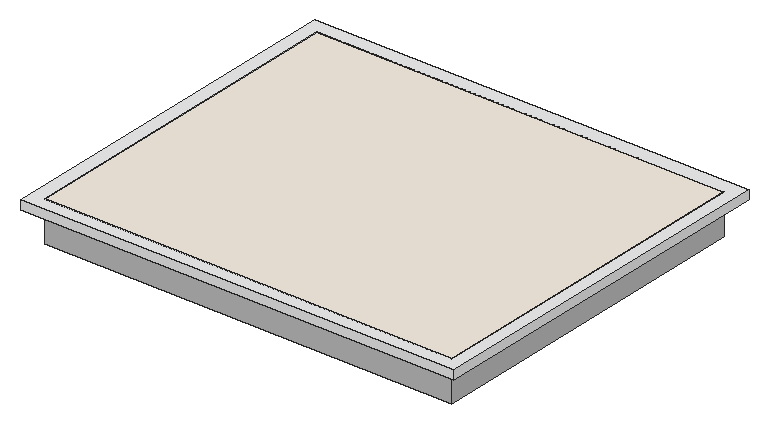
Revit family "Lighting-Industrial-GEWISS-ELIA-HL-LED_HIGHBAY", category Apparecchi per illuminazione, host Superficie, Revit 2019 (continued)
Types (12, lengths in mm): name | Weight (kg): | Weight (kg) | Voltage | Technical sheet | System power | Optic | built-in parameter 1150142 | Lumen output (lm) | Model | IDT | File diagramma fotometrico | Description
    \r\n162.45 150.20 138.26 126.63 115.49 105.08 95.25 85.91 \r\n76.98 68.33 59.98 51.84 44.12 36.98 30.35 24.13 18.45 \r\n13.35 9.08 5.95 3.86 2.80 2.80 \r\n8062.88 8063.68 8064.49 8066.90 8069.32 8072.54 8076.56 \r\n8081.39 8086.22 8091.86 8099.10 8105.54 8112.79 8120.84 \r\n8128.89 8137.74 8146.60 8156.26 8165.11 8174.77 8184.43 \r\n8194.09 8202.95 8212.61 8221.46 8229.51 8237.56 8244.00 \r\n8250.44 8256.08 8260.10 8263.32 8264.13 8264.93 8264.13 \r\n8261.71 8257.69 8252.86 8244.81 8235.15 8223.07 8208.58 \r\n8193.29 8173.97 8153.84 8131.30 8107.15 8079.78 8050.00 \r\n8018.60 7983.99 7946.15 7905.10 7861.63 7813.33 7761.81 \r\n7705.46 7644.28 7578.27 7507.43 7430.95 7348.04 7259.49 \r\n7166.11 7067.09 6963.25 6852.16 6734.63 6609.85 6477.83 \r\n6334.54 6175.96 6010.13 5844.30 5678.47 5511.83 5347.61 \r\n5186.61 5028.03 4867.83 4712.47 4564.35 4421.86 4285.01 \r\n4153.80 4026.61 3901.83 3779.48 3661.95 3551.66 3446.21 \r\n3343.17 3241.74 3139.50 3039.68 2943.08 2849.70 2758.74 \r\n2670.99 2584.86 2500.33 2419.03 2340.14 2265.27 2192.02 \r\n2117.96 2044.70 1973.06 1901.41 1829.77 1757.32 1688.89 \r\n1622.88 1557.19 1492.95 1429.28 1367.53 1308.77 1253.38 \r\n1202.11 1154.37 1109.93 1068.07 1028.07 989.51 951.91 \r\n914.80 876.97 839.29 802.59 766.68 731.34 696.81 663.32 \r\n631.12 601.25 572.60 544.42 517.13 490.57 465.53 443.47 \r\n422.95 402.74 382.62 361.61 341.00 322.16 304.13 286.26 \r\n268.95 252.61 237.31 223.39 210.43 198.35 186.52 174.04 \r\n161.56 149.61 137.90 126.38 115.28 104.88 95.05 85.76 \r\n76.89 68.26 59.93 51.83 44.15 37.04 30.39 24.14 18.43 \r\n13.33 9.07 5.94 3.85 2.80 2.79 \r\n8062.88 8063.68 8064.49 8066.90 8069.32 8071.73 8076.56 \r\n8080.59 8086.22 8092.66 8098.30 8104.74 8112.79 8120.03 \r\n8128.89 8136.94 8146.60 8155.45 8164.31 8173.97 8183.63 \r\n8192.48 8202.95 8211.80 8221.46 8229.51 8236.76 8244.00 \r\n8250.44 8255.27 8260.10 8263.32 8264.93 8264.93 8264.93 \r\n8262.52 8258.49 8252.86 8246.42 8236.76 8224.68 8211.00 \r\n8195.70 8176.38 8156.26 8134.52 8109.57 8083.00 8054.02 \r\n8022.63 7988.01 7950.98 7910.73 7866.46 7819.77 7767.44 \r\n7711.09 7650.72 7584.71 7514.67 7439.00 7356.89 7268.34 \r\n7176.57 7078.36 6974.52 6864.23 6747.51 6622.73 6491.52 \r\n6349.03 6190.45 6023.81 5857.18 5688.93 5522.30 5358.08 \r\n5197.88 5039.30 4877.49 4719.71 4569.98 4425.89 4287.43 \r\n4154.60 4025.80 3901.03 3778.67 3661.14 3551.66 3446.21 \r\n3343.17 3241.74 3139.50 3039.68 2943.08 2848.89 2758.74 \r\n2670.99 2585.66 2501.14 2419.03 2340.14 2265.27 2191.21 \r\n2117.96 2044.70 1973.06 1902.22 1828.96 1756.51 1688.09 \r\n1622.08 1556.23 1492.07 1428.23 1366.17 1307.16 1251.37 \r\n1199.69 1151.55 1106.96 1065.02 1024.93 986.37 948.85 \r\n911.74 873.99 836.40 799.77 763.70 728.53 694.15 660.50 \r\n628.22 598.36 569.86 542.01 514.96 488.39 463.36 441.46 \r\n420.93 400.89 380.85 359.84 339.23 320.55 302.76 285.05 \r\n267.98 251.72 236.51 222.42 209.30 197.23 185.47 173.08 \r\n160.81 149.07 137.58 126.14 115.09 104.71 94.89 85.64 \r\n76.81 68.19 59.87 51.82 44.15 37.05 30.42 24.15 18.42 \r\n13.31 9.05 5.93 3.85 2.81 2.79 \r\n8062.88 8063.68 8065.29 8066.90 8069.32 8072.54 8075.76 \r\n8080.59 8086.22 8091.86 8098.30 8104.74 8111.98 8120.03 \r\n8128.08 8136.13 8145.79 8155.45 8164.31 8173.97 8183.63 \r\n8192.48 8202.14 8211.00 8219.85 8228.71 8235.95 8243.20 \r\n8249.64 8255.27 8260.10 8262.52 8264.93 8265.74 8265.74 \r\n8262.52 8259.30 8254.47 8248.03 8238.37 8227.10 8213.41 \r\n8197.31 8179.60 8160.28 8136.94 8113.59 8087.03 8058.85 \r\n8027.46 7993.65 7955.81 7915.56 7872.09 7825.40 7773.88 \r\n7717.53 7657.96 7593.56 7523.53 7447.86 7366.55 7279.61 \r\n7187.04 7089.63 6986.59 6877.11 6760.39 6637.22 6506.01 \r\n6364.33 6205.74 6039.11 5870.86 5701.81 5534.37 5369.35 \r\n5209.96 5049.76 4887.15 4727.76 4575.62 4429.91 4290.65 \r\n4156.21 4025.80 3901.03 3778.67 3661.95 3552.47 3446.21 \r\n3343.17 3240.93 3139.50 3039.68 2942.28 2848.89 2758.74 \r\n2670.99 2584.86 2501.14 2419.03 2339.33 2263.66 2190.41 \r\n2117.15 2043.90 1972.25 1900.61 1827.35 1754.90 1687.28 \r\n1620.22 1554.70 1490.54 1426.62 1364.48 1305.15 1248.96 \r\n1196.95 1148.49 1103.65 1061.63 1021.55 983.07 945.63 \r\n908.60 870.93 833.58 796.79 760.73 725.55 691.33 657.60 \r\n625.24 595.46 567.04 539.43 512.70 486.22 461.27 439.37 \r\n418.92 398.88 378.99 357.98 337.62 318.94 301.31 283.84 \r\n266.94 250.84 235.62 221.54 208.33 196.18 184.51 172.27 \r\n160.14 148.59 137.28 125.93 114.92 104.57 94.76 85.53 \r\n76.72 68.11 59.80 51.76 44.15 37.06 30.43 24.13 18.39 \r\n13.28 9.03 5.92 3.85 2.81 2.79 \r\n8062.88 8063.68 8065.29 8066.90 8069.32 8072.54 8075.76 \r\n8080.59 8086.22 8091.86 8097.49 8103.93 8111.98 8120.03 \r\n8128.08 8136.13 8144.99 8154.65 8164.31 8173.16 8182.82 \r\n8191.68 8201.34 8210.19 8219.85 8228.71 8235.95 8243.20 \r\n8249.64 8256.08 8260.10 8263.32 8265.74 8266.54 8266.54 \r\n8264.93 8261.71 8256.08 8248.83 8240.78 8229.51 8216.63 \r\n8200.53 8182.82 8163.50 8141.77 8117.62 8091.86 8063.68 \r\n8033.09 7998.48 7962.25 7922.81 7880.14 7833.45 7781.93 \r\n7726.39 7667.62 7603.22 7533.99 7459.13 7377.82 7290.88 \r\n7199.92 7103.32 7000.28 6890.80 6774.88 6652.52 6522.11 \r\n6381.23 6224.26 6057.62 5887.77 5717.91 5548.86 5383.03 \r\n5220.42 5058.62 4895.20 4735.01 4582.86 4436.35 4295.48 \r\n4159.43 4029.83 3903.44 3781.89 3665.17 3554.88 3447.01 \r\n3342.36 3239.32 3137.89 3038.07 2940.67 2845.68 2756.32 \r\n2667.77 2581.64 2497.92 2415.00 2335.31 2259.64 2185.58 \r\n2111.52 2039.07 1966.62 1895.78 1823.33 1750.88 1682.45 \r\n1616.12 1551.24 1487.48 1424.21 1362.46 1302.89 1246.30 \r\n1193.98 1145.35 1100.52 1058.58 1018.65 980.33 943.22 \r\n906.43 868.92 831.65 795.02 759.20 723.94 689.56 655.91 \r\n623.79 593.85 565.35 537.74 511.18 484.85 460.06 438.08 \r\n417.47 397.43 377.46 356.62 336.41 317.89 300.26 282.80 \r\n266.13 250.11 234.90 220.89 207.69 195.70 183.94 172.03 \r\n160.07 148.49 137.11 125.77 114.81 104.51 94.74 85.50 \r\n76.64 68.01 59.67 51.62 44.00 36.92 30.28 24.01 18.31 \r\n13.21 8.97 5.90 3.86 2.82 2.79 \r\n8062.88 8063.68 8065.29 8066.90 8069.32 8072.54 8075.76 \r\n8080.59 8085.42 8091.86 8097.49 8103.93 8111.98 8119.23 \r\n8127.28 8135.33 8144.99 8153.84 8163.50 8173.16 8182.82 \r\n8191.68 8200.53 8210.19 8219.05 8227.90 8235.95 8242.39 \r\n8248.83 8255.27 8260.10 8264.13 8266.54 8268.15 8267.35 \r\n8265.74 8262.52 8257.69 8251.25 8243.20 8231.93 8219.05 \r\n8203.75 8186.85 8167.53 8145.79 8122.45 8096.69 8068.51 \r\n8037.92 8004.92 7968.69 7929.25 7887.39 7840.70 7790.79 \r\n7736.05 7677.28 7613.69 7544.46 7470.40 7389.90 7304.57 \r\n7212.80 7116.20 7013.16 6905.29 6789.37 6667.81 6539.01 \r\n6399.75 6243.58 6077.75 5907.09 5734.82 5564.96 5395.91 \r\n5230.89 5067.47 4903.25 4743.06 4590.91 4442.79 4300.31 \r\n4163.46 4033.05 3907.47 3785.92 3669.19 3557.30 3448.62 \r\n3342.36 3237.71 3136.28 3035.66 2938.25 2844.07 2753.10 \r\n2664.55 2577.61 2493.09 2410.98 2331.28 2254.00 2179.94 \r\n2105.88 2033.43 1960.98 1890.14 1818.50 1746.85 1677.62 \r\n1612.09 1547.13 1483.86 1421.31 1360.05 1300.32 1243.40 \r\n1190.92 1142.13 1097.38 1055.44 1015.75 977.67 940.72 \r\n904.18 866.82 829.71 793.41 757.75 722.33 687.79 654.47 \r\n622.51 592.40 563.66 536.13 509.65 483.64 459.01 436.87 \r\n416.10 395.90 375.94 355.33 335.20 316.77 299.22 281.91 \r\n265.25 249.39 234.34 220.33 207.21 195.13 183.54 171.79 \r\n160.11 148.45 136.95 125.62 114.70 104.46 94.72 85.46 \r\n76.56 67.89 59.53 51.47 43.82 36.73 30.11 23.88 18.20 \r\n13.13 8.91 5.88 3.86 2.83 2.78 \r\n8062.88 8063.68 8065.29 8066.90 8069.32 8072.54 8075.76 \r\n8080.59 8085.42 8091.05 8097.49 8103.93 8111.18 8119.23 \r\n8127.28 8135.33 8144.18 8153.84 8163.50 8172.36 8182.02 \r\n8190.87 8200.53 8209.39 8218.24 8227.10 8235.15 8242.39 \r\n8248.83 8255.27 8260.10 8264.13 8268.15 8268.96 8268.96 \r\n8267.35 8264.93 8260.10 8253.66 8244.00 8234.34 8221.46 \r\n8206.17 8190.07 8171.55 8150.62 8127.28 8101.52 8074.95 \r\n8044.36 8011.36 7975.94 7937.30 7895.44 7848.75 7799.64 \r\n7745.71 7687.75 7624.15 7556.53 7482.47 7402.78 7317.45 \r\n7227.29 7130.69 7027.65 6918.97 6805.47 6684.72 6556.72 \r\n6417.46 6263.70 6098.68 5927.21 5752.53 5581.06 5410.40 \r\n5242.16 5075.52 4912.11 4751.91 4598.96 4450.84 4306.75 \r\n4167.48 4037.07 3912.30 3790.75 3673.22 3560.52 3449.43 \r\n3342.36 3236.91 3133.87 3034.05 2935.84 2840.85 2749.08 \r\n2660.53 2573.59 2489.06 2406.95 2326.45 2248.37 2173.50 \r\n2099.44 2026.19 1955.35 1884.51 1812.06 1742.02 1673.60 \r\n1607.18 1542.86 1479.99 1418.09 1357.39 1297.58 1240.34 \r\n1187.70 1138.83 1094.08 1052.30 1012.77 974.94 938.23 \r\n902.00 864.81 827.78 791.80 756.30 720.80 686.18 652.94 \r\n621.22 590.95 562.13 534.60 508.20 482.44 458.05 435.83 \r\n414.90 394.53 374.49 354.04 334.16 315.80 298.25 281.03 \r\n264.36 248.58 233.69 219.77 206.72 194.65 183.22 171.71 \r\n160.19 148.44 136.79 125.48 114.61 104.42 94.73 85.43 \r\n76.48 67.76 59.38 51.30 43.64 36.54 29.91 23.73 18.10 \r\n13.05 8.85 5.85 3.87 2.84 2.78 \r\n8062.88 8063.68 8065.29 8066.90 8069.32 8072.54 8075.76 \r\n8080.59 8085.42 8091.05 8097.49 8103.93 8111.18 8119.23 \r\n8127.28 8135.33 8143.38 8153.84 8162.70 8172.36 8182.02 \r\n8190.87 8199.73 8209.39 8218.24 8226.29 8235.15 8241.59 \r\n8248.83 8255.27 8260.10 8264.93 8268.15 8270.57 8270.57 \r\n8268.96 8265.74 8260.91 8254.47 8246.42 8236.76 8224.68 \r\n8210.19 8194.09 8174.77 8154.65 8132.11 8107.15 8079.78 \r\n8050.80 8017.80 7982.38 7944.54 7902.68 7857.60 7808.50 \r\n7755.37 7697.41 7635.42 7567.80 7494.55 7416.46 7331.13 \r\n7241.78 7145.18 7042.94 6935.07 6820.76 6700.01 6573.63 \r\n6436.78 6283.83 6119.61 5947.34 5771.04 5597.97 5425.70 \r\n5253.43 5085.99 4920.96 4760.77 4607.01 4457.28 4312.38 \r\n4172.31 4041.90 3916.32 3795.58 3678.85 3563.74 3451.04 \r\n3341.56 3235.30 3132.26 3031.63 2933.42 2837.63 2745.86 \r\n2656.50 2568.76 2484.23 2402.12 2321.62 2243.54 2167.06 \r\n2092.20 2019.75 1948.91 1878.07 1807.23 1736.38 1668.77 \r\n1602.35 1538.36 1475.89 1414.71 1354.49 1294.60 1237.20 \r\n1184.48 1135.61 1090.86 1049.16 1009.79 972.28 935.81 \r\n899.83 862.80 825.85 790.19 754.85 719.27 684.41 651.49 \r\n620.01 589.66 560.60 533.07 506.67 481.23 457.16 434.86 \r\n413.69 393.16 373.12 352.83 333.19 314.84 297.37 280.14 \r\n263.48 247.86 233.13 219.28 206.32 194.33 182.90 171.63 \r\n160.30 148.43 136.62 125.32 114.50 104.39 94.73 85.39 \r\n76.39 67.64 59.22 51.13 43.45 36.33 29.72 23.57 18.00 \r\n12.97 8.80 5.83 3.89 2.85 2.77 \r\n8062.88 8063.68 8065.29 8066.90 8069.32 8072.54 8075.76 \r\n8080.59 8085.42 8091.05 8097.49 8103.93 8111.18 8119.23 \r\n8127.28 8135.33 8143.38 8152.23 8162.70 8172.36 8181.21 \r\n8190.87 8199.73 8208.58 8217.44 8226.29 8234.34 8241.59 \r\n8248.83 8255.27 8260.10 8265.74 8268.96 8271.37 8271.37 \r\n8270.57 8267.35 8263.32 8256.88 8248.83 8238.37 8227.10 \r\n8213.41 8197.31 8178.80 8159.48 8136.94 8111.98 8086.22 \r\n8055.63 8024.24 7990.43 7951.79 7910.73 7865.65 7818.16 \r\n7765.83 7708.68 7646.69 7579.88 7506.62 7429.34 7344.82 \r\n7255.46 7159.67 7057.43 6949.56 6836.86 6717.72 6591.34 \r\n6455.29 6303.95 6141.34 5968.27 5790.36 5614.87 5440.19 \r\n5266.31 5094.84 4929.82 4769.62 4615.06 4465.33 4318.02 \r\n4177.14 4046.73 3921.96 3800.41 3682.88 3566.15 3452.64 \r\n3341.56 3234.49 3130.64 3029.22 2931.01 2834.41 2741.83 \r\n2651.67 2563.93 2478.60 2397.29 2316.79 2237.09 2159.82 \r\n2085.76 2013.31 1941.66 1872.43 1801.59 1731.56 1663.93 \r\n1597.76 1533.85 1471.70 1411.08 1351.43 1291.54 1234.15 \r\n1181.34 1132.39 1087.72 1046.18 1006.97 969.54 933.40 \r\n897.58 860.71 824.00 788.42 753.32 717.58 682.64 650.04 \r\n618.88 588.37 559.15 531.54 505.30 480.18 456.27 433.98 \r\n412.56 391.87 371.83 351.70 332.30 314.11 296.56 279.34 \r\n262.75 247.22 232.56 218.80 205.92 193.92 182.57 171.55 \r\n160.37 148.39 136.42 125.15 114.40 104.34 94.72 85.34 \r\n76.27 67.51 59.06 50.94 43.25 36.12 29.53 23.43 17.90 \r\n12.90 8.75 5.82 3.90 2.87 2.77 \r\n8062.88 8063.68 8065.29 8066.90 8069.32 8072.54 8075.76 \r\n8080.59 8085.42 8091.05 8096.69 8103.13 8111.18 8118.42 \r\n8126.47 8134.52 8142.57 8152.23 8161.09 8171.55 8181.21 \r\n8190.07 8198.92 8208.58 8216.63 8225.49 8233.54 8241.59 \r\n8248.03 8255.27 8260.91 8265.74 8269.76 8271.37 8272.98 \r\n8272.18 8268.96 8264.93 8258.49 8250.44 8241.59 8230.32 \r\n8215.83 8200.53 8182.82 8163.50 8140.96 8116.81 8091.05 \r\n8062.07 8030.68 7996.87 7959.84 7918.78 7874.51 7827.01 \r\n7775.49 7719.14 7657.96 7591.95 7519.50 7442.22 7359.31 \r\n7269.15 7174.16 7071.92 6964.86 6852.96 6733.82 6608.24 \r\n6474.61 6324.08 6163.08 5989.20 5810.49 5632.58 5455.48 \r\n5279.19 5106.11 4940.28 4780.09 4623.92 4472.58 4324.46 \r\n4182.78 4051.56 3926.79 3805.24 3686.90 3569.37 3455.06 \r\n3342.36 3233.69 3128.23 3026.80 2927.79 2831.99 2738.61 \r\n2646.84 2559.10 2473.77 2391.66 2311.96 2231.46 2154.18 \r\n2079.32 2006.06 1936.03 1866.80 1796.76 1727.53 1659.91 \r\n1593.50 1529.58 1467.60 1407.30 1348.13 1288.48 1230.93 \r\n1178.20 1129.33 1084.74 1043.28 1004.16 966.89 930.90 \r\n895.32 858.53 821.90 786.65 751.71 715.89 680.95 648.75 \r\n617.84 587.25 557.70 530.09 503.85 479.06 455.55 433.01 \r\n411.52 390.75 370.54 350.66 331.42 313.31 295.92 278.53 \r\n261.95 246.49 232.08 218.40 205.60 193.68 182.41 171.47 \r\n160.43 148.29 136.19 124.95 114.29 104.27 94.68 85.27 \r\n76.15 67.36 58.91 50.76 43.08 35.94 29.34 23.29 17.81 \r\n12.84 8.71 5.82 3.92 2.89 2.77 \r\n8062.88 8063.68 8065.29 8066.90 8069.32 8072.54 8075.76 \r\n8080.59 8085.42 8091.05 8096.69 8103.13 8110.37 8117.62 \r\n8126.47 8134.52 8142.57 8151.43 8161.09 8170.75 8180.41 \r\n8189.26 8198.92 8207.78 8215.83 8224.68 8232.73 8240.78 \r\n8248.03 8254.47 8260.91 8265.74 8269.76 8272.18 8272.98 \r\n8272.98 8270.57 8266.54 8260.10 8252.86 8243.20 8231.93 \r\n8219.05 8203.75 8186.85 8167.53 8145.79 8122.45 8095.88 \r\n8066.90 8035.51 8002.50 7965.47 7925.22 7881.75 7835.06 \r\n7784.35 7728.80 7667.62 7602.42 7530.77 7454.30 7372.19 \r\n7282.83 7187.84 7087.22 6979.35 6868.26 6749.92 6625.95 \r\n6491.52 6343.40 6182.40 6008.52 5828.20 5650.29 5473.19 \r\n5296.09 5120.60 4952.36 4789.75 4632.77 4480.63 4330.90 \r\n4187.61 4054.78 3929.20 3807.65 3689.32 3572.59 3458.28 \r\n3344.78 3234.49 3127.43 3025.19 2926.18 2829.58 2735.39 \r\n2643.62 2555.07 2468.93 2386.83 2307.13 2227.43 2149.35 \r\n2074.49 2002.04 1932.81 1862.77 1794.35 1725.12 1657.50 \r\n1591.16 1526.68 1463.89 1403.28 1343.95 1284.78 1228.03 \r\n1175.62 1126.76 1082.16 1040.70 1001.58 964.31 928.17 \r\n892.58 855.88 819.41 784.23 749.29 713.55 678.78 646.98 \r\n616.55 585.80 556.17 528.40 502.16 477.77 454.50 432.20 \r\n410.63 389.70 369.50 349.77 330.86 312.82 295.35 277.81 \r\n261.06 245.85 231.60 218.07 205.28 193.36 182.01 170.98 \r\n159.86 147.72 135.65 124.56 114.04 104.06 94.47 85.06 \r\n75.95 67.19 58.77 50.65 42.97 35.84 29.25 23.22 17.77 \r\n12.83 8.72 5.84 3.94 2.91 2.77 \r\n8062.88 8063.68 8065.29 8066.90 8069.32 8071.73 8075.76 \r\n8080.59 8085.42 8091.05 8096.69 8103.13 8110.37 8117.62 \r\n8126.47 8133.72 8141.77 8151.43 8160.28 8169.94 8179.60 \r\n8189.26 8198.12 8206.17 8215.83 8224.68 8232.73 8240.78 \r\n8247.22 8254.47 8260.10 8265.74 8269.76 8272.98 8273.79 \r\n8273.79 8271.37 8267.35 8262.52 8254.47 8245.61 8234.34 \r\n8221.46 8206.97 8189.26 8170.75 8149.82 8126.47 8099.91 \r\n8071.73 8041.14 8008.14 7971.11 7932.47 7889.00 7843.11 \r\n7792.40 7737.66 7678.09 7612.88 7542.04 7466.37 7384.26 \r\n7296.52 7201.53 7100.90 6994.64 6884.36 6766.83 6642.86 \r\n6508.42 6361.11 6200.91 6027.84 5846.71 5668.81 5490.10 \r\n5312.19 5136.70 4966.04 4801.02 4640.82 4487.07 4336.53 \r\n4192.44 4058.00 3931.62 3810.07 3690.93 3575.01 3461.50 \r\n3347.19 3235.30 3127.43 3023.58 2923.76 2827.16 2732.17 \r\n2640.40 2550.24 2464.91 2382.80 2303.11 2223.41 2146.13 \r\n2071.27 1998.82 1928.78 1860.36 1791.93 1723.51 1655.88 \r\n1589.31 1524.11 1460.59 1399.33 1339.76 1281.24 1225.29 \r\n1173.13 1124.50 1079.83 1038.29 999.17 961.73 925.59 \r\n889.85 853.22 816.91 781.57 746.64 711.06 676.60 645.29 \r\n615.26 584.43 554.56 526.79 500.71 476.48 453.54 431.32 \r\n409.75 388.73 368.37 348.97 330.37 312.34 294.95 277.24 \r\n260.34 245.28 231.20 217.67 204.95 193.04 181.69 170.58 \r\n159.27 147.11 135.09 124.14 113.77 103.84 94.24 84.83 \r\n75.73 67.00 58.62 50.54 42.89 35.77 29.20 23.18 17.75 \r\n12.83 8.74 5.87 3.97 2.93 2.78 \r\n8062.88 8063.68 8065.29 8066.90 8069.32 8071.73 8075.76 \r\n8080.59 8085.42 8091.05 8096.69 8103.13 8110.37 8116.81 \r\n8125.67 8133.72 8141.77 8150.62 8160.28 8169.14 8178.80 \r\n8187.65 8197.31 8206.17 8215.02 8223.88 8231.93 8239.98 \r\n8247.22 8253.
